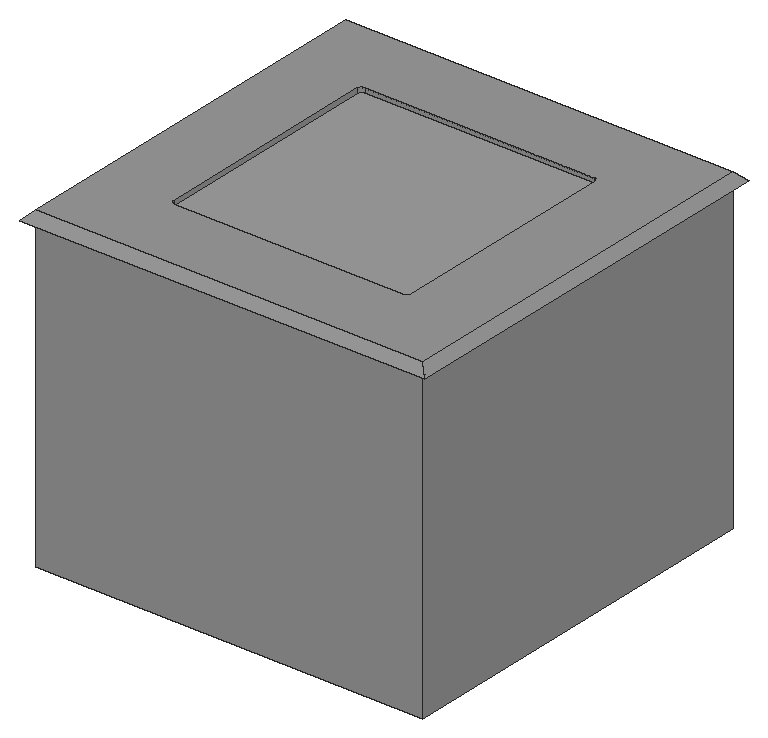
Revit family "4069234", category Lighting Fixtures, host Face, Revit 2017
Family settings
  Host = Face
  Round Connector Dimension = Use Diameter
  Part Type = Normal
  OmniClass Number = 23.80.70.00
  OmniClass Title = Lighting
  Cut with Voids When Loaded = No
  Light Source = Yes
  Shared = No
  Room Calculation Point = No
Parameters (values of type "4069234 PATHE/G/S2 NAR 80LM LED 4K")
  Width_SYL = 95 mm
  Weight = "0.655 kg"
  Wattage Comments = ""
  Wattage = 1.5 W
  WarrantyStartDate [instance] = "n/a"
  WarrantyGuarantorParts = "n/a"
  WarrantyDurationUnit = "n/a"
  WarrantyDurationParts = "n/a"
  WarrantyDescription = "n/a"
  built-in parameter 1150110 = 1 (stored number, unit not read)
  Voltage = 230 V
  URL = "http://www.sylvania-lighting.com"
  TypeName = "PATHE/GROUND/SQUARE2 NARROW 80LM LED 4K"
  Type Image = <None>
  Type Comments = "n/a"
  built-in parameter 1114217 = 1 (stored number, unit not read)
  Tilt Angle = -90.00°
  built-in parameter 1150109 = 1 (stored number, unit not read)
  built-in parameter 1150134 = 12
  built-in parameter 1150113 = 1 (stored number, unit not read)
  SerialNumber [instance] = "n/a"
  Photometric Web File = "4069234.ies"
  Material_3_SYL = none
  PowerFactor = 0
  PowerConsumption = "1.5 W"
  NominalLength = 95 mm
  NominalHeight = 75 mm
  NominalDepth = 95 mm
  Name = "PATHE/GROUND/SQUARE2 NARROW 80LM LED 4K"
  ModelReference = Name  # "PATHE/GROUND/SQUARE2 NARROW 80LM LED 4K"
  ModelNumber = "4069234"
  Model = Name  # "PATHE/GROUND/SQUARE2 NARROW 80LM LED 4K"
  Material = "aluminium housing, uv stabilized pc polycarbonate diffuser"
  ManufacturerName = "Feilo Sylvania"
  Manufacturer = "Feilo Sylvania"
  LuminousEfficacy = "53 lm/W"
  built-in parameter 1150105 = 6.3264 (stored number, unit not read)
  Lumens = 79.5 lm
  LuminaireType = ""
  built-in parameter 1150115 = 1 (stored number, unit not read)
  LightOutputRatio = "100"
  built-in parameter 1150137 = (empty or 0)
  built-in parameter 1150139 = (empty or 0)
  LampsType = Lamp  # "LED"
  LampNominalLuminous = "80 lm"
  LampMacAdamStep = "n/a"
  LampColourTemperature = "4000 K"
  LampColourRenderingIndex = "80"
  built-in parameter 1150112 = 1 (stored number, unit not read)
  built-in parameter 1150114 = 1 (stored number, unit not read)
  Lamp = "LED"
  Keynote = "16500"
  InstallationDate [instance] = "n/a"
  InputVoltage = "220-240 V AC"
  InputNominalFrequency = "50/60 Hz"
  built-in parameter 1150132 = (empty or 0)
  built-in parameter 1150102 = (empty or 0)
  built-in parameter 1150107 = 4000 (stored number, unit not read)
  built-in parameter 1150138 = (empty or 0)
  IngressProtection = "IP67"
  ImpactProtectionIndex = "IK08"
  built-in parameter 1150106 = 0.063264 (stored number, unit not read)
  IfcExportType = "IfcLightFixtureType"
  IfcExportAs = "IfcLightFixtureType"
  Height_SYL = 75 mm
  HeightAboveGround_SYL = 2 mm
  Emit from Rectangle Width = DiffuserCutOut_SYL  # 55.882 mm
  Emit from Rectangle Length = DiffuserCutOut_SYL  # 55.882 mm
  Emit Shape Visible in Rendering = no
  ElectricShockClassification = "Class I"
  built-in parameter 1150104 = 4.9239 (stored number, unit not read)
  DocumentationLiterature = "http://www.sylvania-lighting.com/product/en-int/products/4069234"
  DimmingControlOptions = "Non dimmable"
  Material_2_SYL = Default
  Dimming Lamp Color Temperature Shift = <None>
  DiffuserCutOut_SYL = 55.882 mm
  Description = "Square recessed ground luminaireCorrosion resistant die-cast aluminium, 80lm, 1.5W, 53lm/W, 4000K, CRI80+, 10°, non dimmable, IP67, IK08,  (HxWxD) 95x95x75mm, 3 step MacAdam ellipse, Class I, 220-240V, A++ A+ A"
  Default Elevation = 1219.2 mm
  CreatedOn = "1/21/2020"
  CreatedBy = "@sylvania-lighting.com"
  Cost = 0
  Color Filter = 16777215
  built-in parameter 1114216 [instance] = (empty or 0)
  ClassificationValue = "EF_70_80"
  ClassificationName = "Uniclass2015"
  Material_1_SYL = Aluminum
  ChamferWidth_SYL = HeightAboveGround_SYL  # 2 mm
  BarCode [instance] = "n/a"
  built-in parameter 1114218 = 1 (stored number, unit not read)
  built-in parameter 1150133 = 10 (stored number, unit not read)
  AssetType = "Fixed"
  AssetIdentifier [instance] = "n/a"
  Assembly Code = "D5020200"
  Apparent Load = 1.5 VA
  Material_4_SYL = none
Reference planes
  plane 1 "Center (Front/Back)": y = 0
  plane 2: z = 0
  plane 3 "Center (Left/Right)": x = 0
  plane 4: x = 47.5
  plane 5: x = -47.5
  plane 6: y = 47.5
  plane 7: y = -47.5
  plane 8: x = -27.941
  plane 9: x = 27.941
  plane 10: y = 27.941
  plane 11: y = -27.941
  plane 12: z = 2
  plane 13: x = -45.5
  plane 14: y = 45.5
  plane 15: x = 45.5
  plane 16: y = -45.5
  plane 17: z = -73
  plane 18: z = 1
Forms (mm)
  Extrusion 1, void
    sketch origin (0, 0, 0) x (1, 0, 0) y (0, 1, 0)
      loop
        line (-45.5, 45.5) -> (-45.5, -45.5) -> (45.5, -45.5) -> (45.5, 45.5) -> (-45.5, 45.5)
    from 0 to -73
  Blend 2, solid, material "Aluminum" <- "Material_1_SYL"
    base sketch origin (0, 0, 0) x (1, 0, 0) y (0, 1, 0)
      loop
        line (-47.5, 47.5) -> (-47.5, -47.5) -> (47.5, -47.5) -> (47.5, 47.5) -> (-47.5, 47.5)
    top sketch origin (0, 0, 0) x (1, 0, 0) y (0, 1, 0)
      loop
        line (-45.5, 45.5) -> (-45.5, -45.5) -> (45.5, -45.5) -> (45.5, 45.5) -> (-45.5, 45.5)
    from 0 to 2
  Extrusion 3, void
    sketch origin (0, 0, 0) x (1, 0, 0) y (0, 1, 0)
      loop
        arc (-26.941, 27.941) -> (-27.648, 27.648) -> (-27.941, 26.941) r 1
        line (-27.941, 26.941) -> (-27.941, -26.941)
        arc (-27.941, -26.941) -> (-27.648, -27.648) -> (-26.941, -27.941) r 1
        line (-26.941, -27.941) -> (26.941, -27.941)
        arc (26.941, -27.941) -> (27.648, -27.648) -> (27.941, -26.941) r 1
        line (27.941, -26.941) -> (27.941, 26.941)
        arc (27.941, 26.941) -> (27.648, 27.648) -> (26.941, 27.941) r 1
        line (26.941, 27.941) -> (-26.941, 27.941)
    from 0 to 2
  Extrusion 4, solid, material "Default" <- "Material_2_SYL"
    sketch origin (0, 0, 0) x (1, 0, 0) y (0, 1, 0)
      loop
        line (27.941, -26.941) -> (27.941, 26.941)
        arc (27.941, 26.941) -> (27.648, 27.648) -> (26.941, 27.941) r 1
        line (26.941, 27.941) -> (-26.941, 27.941)
        arc (-26.941, 27.941) -> (-27.648, 27.648) -> (-27.941, 26.941) r 1
        line (-27.941, 26.941) -> (-27.941, -26.941)
        arc (-27.941, -26.941) -> (-27.648, -27.648) -> (-26.941, -27.941) r 1
        line (-26.941, -27.941) -> (26.941, -27.941)
        arc (26.941, -27.941) -> (27.648, -27.648) -> (27.941, -26.941) r 1
    from 0 to 1
  Extrusion 5, solid, material "Aluminum" <- "Material_1_SYL"
    sketch origin (0, 0, 0) x (1, 0, 0) y (0, 1, 0)
      loop
        line (-45.5, 45.5) -> (-45.5, -45.5) -> (45.5, -45.5) -> (45.5, 45.5) -> (-45.5, 45.5)
    from 0 to -73
Cuts and joins
  Extrusion 3 cuts Blend 2
Dimensions and locks
  equal spacing: host sketch curve, plane 3 "Center (Left/Right)", host sketch curve
  equal spacing: host sketch curve, plane 1 "Center (Front/Back)", host sketch curve
  locked: host sketch curve to host sketch curve at 600  (x2)
  equal spacing: plane 5, plane 3 "Center (Left/Right)", plane 4
  "Width_SYL": plane 5 to plane 4
  equal spacing: plane 7, plane 1 "Center (Front/Back)", plane 6
  "Width_SYL": plane 7 to plane 6
  equal spacing: plane 8, plane 3 "Center (Left/Right)", plane 9
  "DiffuserCutOut_SYL": plane 8 to plane 9
  equal spacing: plane 11, plane 1 "Center (Front/Back)", plane 10
  "DiffuserCutOut_SYL": plane 11 to plane 10
  "HeightAboveGround_SYL": plane 12 to plane 2
  equal spacing: plane 13, plane 3 "Center (Left/Right)", plane 15
  "ChamferWidth_SYL": plane 5 to plane 13
  equal spacing: plane 16, plane 1 "Center (Front/Back)", plane 14
  "ChamferWidth_SYL": plane 14 to plane 6
  "Height_SYL": plane 12 to plane 17
  locked: plane 12 to plane 18 at 1
  aligned and locked: plane 2 to host face
  aligned and locked: level to host face
  aligned and locked: plane 14 to Extrusion 1 sketch curve
  aligned and locked: plane 13 to Extrusion 1 sketch curve
  aligned and locked: Extrusion 1 sketch curve to plane 16
  aligned and locked: Extrusion 1 sketch curve to plane 15
  aligned and locked: plane 17 to Extrusion 1
  aligned and locked: level to Extrusion 1
  aligned and locked: plane 6 to Blend 2 sketch curve
  aligned and locked: plane 5 to Blend 2 sketch curve
  aligned and locked: Blend 2 sketch curve to plane 7
  aligned and locked: Blend 2 sketch curve to plane 4
  aligned and locked: plane 14 to Blend 2 sketch curve
  aligned and locked: plane 13 to Blend 2 sketch curve
  aligned and locked: Blend 2 sketch curve to plane 16
  aligned and locked: Blend 2 sketch curve to plane 15
  aligned and locked: Blend 2 to plane 12
  aligned and locked: Blend 2 to level
  aligned and locked: plane 10 to Extrusion 3 sketch curve
  aligned and locked: plane 8 to Extrusion 3 sketch curve
  aligned and locked: Extrusion 3 sketch curve to plane 11
  aligned and locked: Extrusion 3 sketch curve to plane 9
  aligned and locked: Extrusion 3 to plane 12
  aligned and locked: Extrusion 3 to level
  aligned and locked: Extrusion 4 sketch curve to cut or joined group of Blend 2, Extrusion 3  (x4)
  aligned and locked: Extrusion 4 to plane 18
  aligned and locked: Extrusion 4 to level
  aligned and locked: Extrusion 5 sketch curve to cut or joined group of Blend 2, Extrusion 3  (x4)
  aligned and locked: level to Extrusion 5
  aligned and locked: plane 17 to Extrusion 5
Automatic sketch dimensions
  plane 8 to Extrusion 3 sketch curve = 1 mm  (x2)
  Extrusion 3 sketch curve to plane 9 = 1 mm  (x2)
Connectors
  electrical at (0, 0, -73), driven by "PowerFactor", driven by "Apparent Load", driven by "Voltage"
    settings: on Extrusion 5, index 1, voltage 230 V, apparent load 0 VA, apparent load phase1 1.5 VA, apparent load phase2 0 VA, apparent load phase3 0 VA, power factor 0, load classification "Other", number of poles 1, system type 31, power factor state 1, is connector primary yes, connector utility no, sub classification motor no, connector description ""
